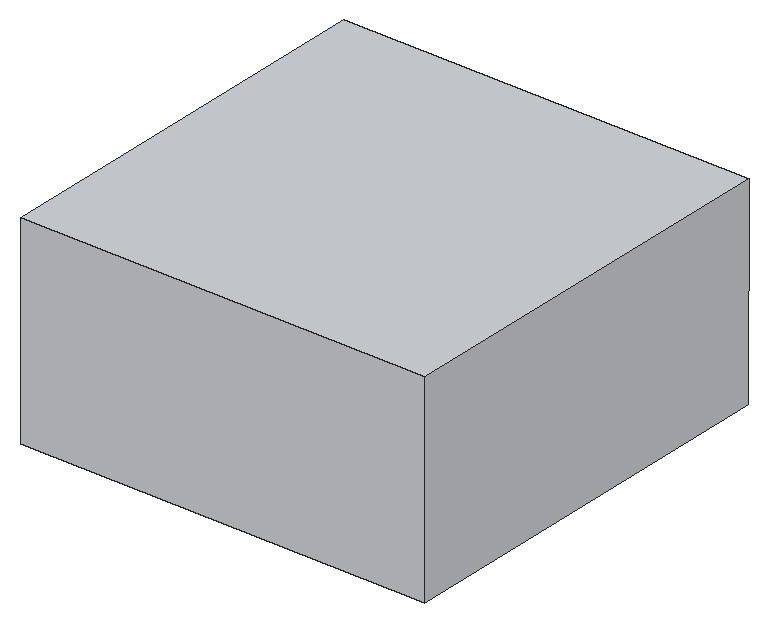
Revit family "Junction Box with Special Purpose Outlet", category Electrical Fixtures, host Face, Revit 2025
Family settings
  Host = Face
  Round Connector Dimension = Use Diameter
  Part Type = Junction Box
  Cut with Voids When Loaded = No
  Maintain Annotation Orientation = Yes
  Shared = No
  Room Calculation Point = No
Parameters (values of type "Wall Mounted")
  Width = 3"
  Wall Mounted = not(Face Mounted)  # yes
  Symbol Distance [instance] = 0"
  Height = 3"
  Face Mounted = no
  Depth - Top = Depth * 2 / 3  # 1"
  Depth - Back = Depth * 1 / 3  # 1/2"
  Depth = 1 1/2"
  Default Elevation = 48"
Types (2): name | Wall Mounted | Face Mounted
  Face Mounted | no | yes
  Wall Mounted | yes | no
Reference planes (in)
  plane 1 "Center (Front/Back)": y = 0
  plane 2: z = 0
  plane 3 "Center (Left/Right)": x = 0
  plane 4: z = 1
  plane 5 "base": z = -0.5
Forms (in)
  Extrusion 1, solid, detail levels medium+fine
    sketch origin (0, 0, -0.5) x (-1, 0, 0) y (0, -1, 0)
      loop
        line (1.5, -1.5) -> (1.5, 1.5) -> (-1.5, 1.5) -> (-1.5, -1.5) -> (1.5, -1.5)
    from 0 to 1.5
Dimensions and locks (in)
  equal spacing: Extrusion 1 sketch curve, plane 3 "Center (Left/Right)", Extrusion 1 sketch curve
  "Width": Extrusion 1 sketch curve to Extrusion 1 sketch curve
  "Height": Extrusion 1 sketch curve to Extrusion 1 sketch curve
  equal spacing: Extrusion 1 sketch curve, plane 1 "Center (Front/Back)", Extrusion 1 sketch curve
  "Depth - Back": plane 2 to plane 5 "base"
  "Depth - Top": plane 4 to plane 2
  aligned and locked: plane 2 to host face
  aligned and locked: level to host face
  aligned and locked: plane 4 to Extrusion 1
Automatic sketch dimensions
  host sketch curve to host sketch curve = 96"  (x2)
Nested families (in)
  nested 1: "Face Mounted" at (0, 0, 0), visible <- "Face Mounted", type "Standard"
  nested 2: "Wall Mounted" at (0, 0, 0), visible <- "Wall Mounted", type "Standard"
Connectors (in)
  electrical at (0, 0, 1)
    settings: on Extrusion 1, index 1, voltage 0 V, apparent load 0 VA, apparent load phase1 0 VA, apparent load phase2 0 VA, apparent load phase3 0 VA, power factor 1, load classification "Other", number of poles 1, system type 31, power factor state 1, is connector primary yes, connector utility no, sub classification motor no, connector description ""
Definition of nested family "Face Mounted"
  Reference planes (in)
    plane 1: y = 0
    plane 2: x = 0
  Lines and regions (in)
    detail lines
      curve 1: circle (0, 0, 0) r 0.125 normal (0, 0, 1)
      curve 2: line (0, -0.125, 0) -> (0.10825, 0.0625, 0)
      curve 3: line (0, -0.125, 0) -> (-0.10825, 0.0625, 0)
      curve 4: line (0.10825, 0.0625, 0) -> (-0.10825, 0.0625, 0)
Definition of nested family "Wall Mounted"
  Parameters (values of type "Standard")
    Symbol Distance = 0"
  Reference planes (in)
    plane 1: y = 0
    plane 2: x = 0
  Lines and regions (in)
    detail lines
      curve 1: circle (0, 0.125, 0) r 0.125 normal (0, 0, 1)
      curve 5: line (0, 0, 0) -> (0.10825, 0.1875, 0)
      curve 6: line (0, 0, 0) -> (-0.10825, 0.1875, 0)
      curve 7: line (-0.10825, 0.1875, 0) -> (0.10825, 0.1875, 0)
    reference lines
      curve 2: line (-0.15017, 0, 0) -> (0.17734, 0, 0)
    detail lines, not visible
      curve 3: circle (0, 0.125, 0) r 0.125 normal (0, 0, 1)
      curve 8: line (0, 0, 0) -> (0.10825, 0.1875, 0)
      curve 9: line (0, 0, 0) -> (-0.10825, 0.1875, 0)
      curve 10: line (-0.10825, 0.1875, 0) -> (0.10825, 0.1875, 0)
    reference lines, not visible
      curve 4: line (-0.15017, 0, 0) -> (0.17734, 0, 0)
  Dimensions and locks (in)
    "Symbol Distance": plane 1 to curve 2
  Automatic sketch dimensions
    curve 6 to curve 6 = 0.10825"
    curve 1 to curve 7 = 0.10825"
    curve 1 to curve 6 = 1/16"
    curve 9 to curve 9 = 0.10825"
    curve 3 to curve 10 = 0.10825"
    curve 3 to curve 9 = 1/16"
